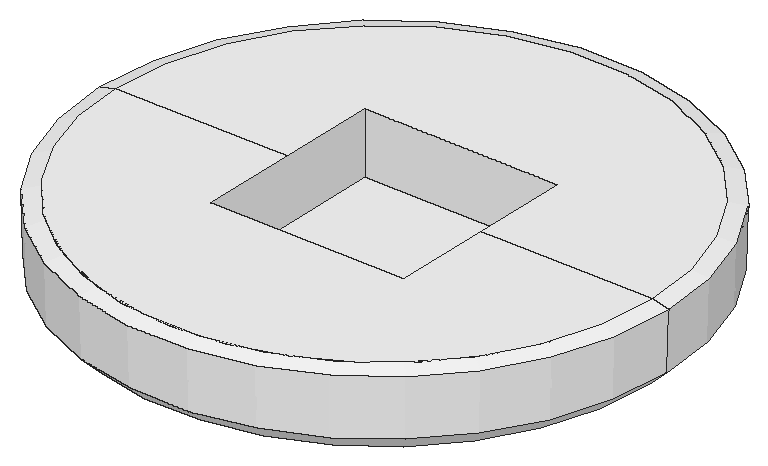
Revit family "Plumbing Fixture-FloorDrain_Mifab_C1433", category Plumbing Fixtures, host Face, Revit 2013
Parameters
  WFU = 0
  URL = "WWW.MIFAB.COM"
  Top Assembly Height = 0.000"
  Strainer Radius = Stainer Diameter / 2  # 44.300"
  Stainer Diameter = 88.600"
  Model = "C1433"
  Manufacturer = "MIFAB"
  Floor Drain Material = Paint - Sherwin Williams Paint - #952C2A - Bellwood Red
  Description = "FLOOR DRAIN & C1433 WOOD DECK FLOOR DRAIN"
  Default Elevation = 0.000"
  Body Height = 24.000"
Reference planes (in)
  plane 1 "Center (Front/Back)": y = 0
  plane 2: z = 0
  plane 3 "Center (Left/Right)": x = 0
  plane 4: x = -44.3
  plane 5: x = 44.3
  plane 6: z = -24
  plane 7: x = -2.31968
  plane 8: x = 2.31968
  plane 9: z = 0
Forms (in)
  Revolve 1, solid, material "Paint - Sherwin Williams Paint - #952C2A - Bellwood Red" <- "Floor Drain Material"
    sketch origin (0, 0, 0) x (1, 0, 0) y (0, 0, 1)
      loop
        line (0, 0) -> (0, -2.5) -> (40.3, -2.5) -> (40.3, -12) -> (41.34307, -12) -> (44.00307, -9.50122) -> (44.27924, -0.66431) -> (41.8, 0) -> (0, 0)
      axis (0, 0) -> (0, -12)
    angle from 0 to 360
  Extrusion 2, solid, material "Paint - Sherwin Williams Paint - #952C2A - Bellwood Red" <- "Floor Drain Material"
    sketch origin (0, 0, 0) x (1, 0, 0) y (0, 1, 0)
      loop
        line (-17.5, 17.5) -> (-17.5, -17.5) -> (17.5, -17.5) -> (17.5, 17.5) -> (-17.5, 17.5)
    from 0 to -12
  Revolve 3, solid, material "Paint - Sherwin Williams Paint - #952C2A - Bellwood Red" <- "Floor Drain Material"
    sketch origin (0, 0, 0) x (1, 0, 0) y (0, 0, 1)
      loop
        arc (0, -24) -> (4.84368, -21.99368) -> (6.85, -17.15) r 6.85
        line (6.85, -17.15) -> (6.85, -13.5)
        arc (6.85, -13.5) -> (7.28934, -12.43934) -> (8.35, -12) r 1.5
        line (8.35, -12) -> (0, -12) -> (0, -24)
      axis (0, -24) -> (0, -12)
    angle from 0 to 360
  Extrusion 4, void
    sketch origin (0, 0, 0) x (1, 0, 0) y (0, 1, 0)
      loop
        line (-15, 15) -> (-15, -15) -> (15, -15) -> (15, 15) -> (-15, 15)
    from 0 to -9.5
Cuts and joins
  Extrusion 4 cuts Revolve 1
  Extrusion 4 cuts Extrusion 2
  Extrusion 4 cuts Revolve 3
  joined: Revolve 1, Extrusion 2, Revolve 3
Lines and regions (in)
  symbolic lines
    curve 1: circle (0, 0, 0) r 44.3 normal (0, 0, 1)
Dimensions and locks (in)
  equal spacing: plane 5, plane 3 "Center (Left/Right)", plane 4
  "Stainer Diameter": plane 5 to plane 4
  "Body Height": plane 9 to plane 6
  "Top Assembly Height": host face to plane 9
  locked: Extrusion 2 sketch curve to Extrusion 2 sketch curve at 35  (x2)
  equal spacing: Extrusion 2 sketch curve, plane 3 "Center (Left/Right)", Extrusion 2 sketch curve
  equal spacing: Extrusion 2 sketch curve, plane 1 "Center (Front/Back)", Extrusion 2 sketch curve
  locked: Extrusion 4 sketch curve to Extrusion 4 sketch curve at 30  (x2)
  equal spacing: Extrusion 4 sketch curve, plane 3 "Center (Left/Right)", Extrusion 4 sketch curve
  equal spacing: Extrusion 4 sketch curve, plane 1 "Center (Front/Back)", Extrusion 4 sketch curve
  "Strainer Radius": radius of curve 1
  aligned and locked: plane 2 to host face
  aligned and locked: level to host face
  aligned and locked: plane 1 "Center (Front/Back)" to curve 1
  aligned and locked: plane 3 "Center (Left/Right)" to curve 1
  aligned and locked: Revolve 1 sketch curve to plane 3 "Center (Left/Right)"
  aligned and locked: Revolve 1 sketch curve to Revolve 1 sketch curve
Automatic sketch dimensions
  host sketch curve to host sketch curve = 96.37885"
  host sketch curve to host sketch curve = 96.000"
  plane 5 to Revolve 1 sketch curve = 4.000"
  Revolve 1 sketch curve to level = 12.000"
  Revolve 1 sketch curve to level = 0.000"
  Revolve 1 sketch curve to Revolve 1 sketch curve = 1.04307"
  plane 5 to Revolve 1 sketch curve = 2.500"
  plane 5 to Revolve 1 sketch curve = 0.29693"
  plane 5 to Revolve 1 sketch curve = 0.02076"
  Revolve 1 sketch curve to Revolve 1 sketch curve = 2.49878"
  Revolve 1 sketch curve to level = 2.500"
  Revolve 1 sketch curve to level = 0.66431"
  Revolve 1 sketch curve to plane 6 = 5.500"
  level to Revolve 1 sketch curve = 15.000"
  plane 3 "Center (Left/Right)" to Revolve 3 sketch curve = 0.000"
  Revolve 3 sketch curve to plane 6 = 0.000"
  Revolve 3 sketch curve to plane 3 "Center (Left/Right)" = 0.000"  (x2)
  Revolve 3 sketch curve to plane 8 = 4.53032"
  Revolve 3 sketch curve to Revolve 3 sketch curve = 0.000"  (x4)
  Revolve 3 sketch curve to Revolve 3 sketch curve = 1.500"  (x2)
  plane 6 to Revolve 3 sketch curve = 6.850"
  Revolve 3 sketch curve to Revolve 3 sketch curve = 3.650"
  Revolve 3 sketch curve to Revolve 3 sketch curve = 5.150"
  plane 1 "Center (Front/Back)" to curve 1 = 0.000"
  curve 1 to plane 3 "Center (Left/Right)" = 0.000"
